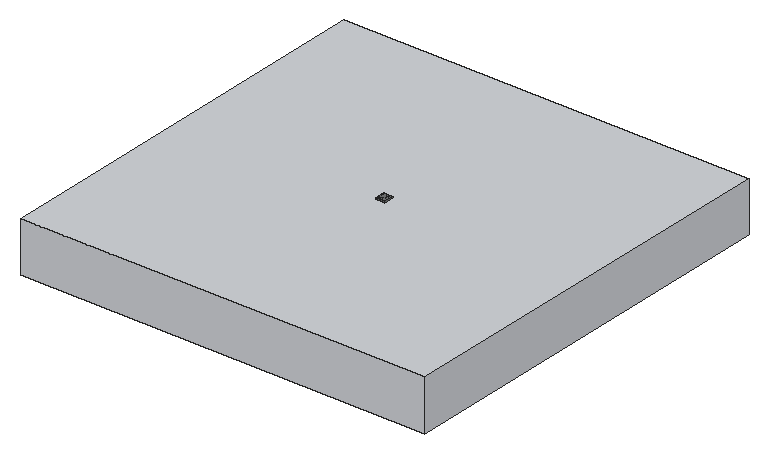
Revit family "Gira_210427", category Elektroinstallationen, Revit 2017
Family settings
  Basisbauteil = Fläche
  Beschriftungsausrichtung beibehalten = Nein
  Bemaßung runder Anschluss = Durchmesser verwenden
  Teiletyp = Normal
  Beim Laden mit Abzugskörper schneiden = Nein
  Gemeinsam genutzt = Nein
  Raumberechnungspunkt = Nein
Parameters
  With heating = no
  With DCF77 = no
  Weather station = no
  URL = "https://www.gira.de/"
  Typname = "KNX CO? sensor humidity cont. + RTC System 55 p.white m"
  Transparent = no
  Surface protection = "Other"
  Surface finishing = "Glossy"
  RAL-number (akin) = 9010
  Productwebsite = "http://katalog.gira.de/en/datenblatt.html?artikelnr=210427"
  Other bus systems = "None"
  Number of channels = 3
  Mounting method = "Flush mounted (plaster)"
  Model = "CO2-Sensor"
  Material quality = "Other"
  Material = "Other"
  Hersteller = "Gira"
  HAN = "210427"
  GTIN = "4010337084495"
  Degree of protection (IP) = "IP20"
  Data sheet = "https://katalog.gira.de/en/download.html?artikelnr=210427"
  Colour = "White"
  Bus system radio frequent = no
  Bus system Powernet = no
  Bus system LON = no
  Bus system KNX radio = no
  Bus system KNX = yes
  Bus connection included = no
  Beschreibung = "KNX CO2 sens.humidity RTC Sys55 PWm,KNX CO2 sensor with humidity and room temperature controller,System 55,pure white matt,CO?-sensor with an integrated KNX bus coupler and two binary inputs for measuring the concentration of carbon dioxide, relative humidity, and room temperature.,,Features:,- Limit value monitoring for CO2 concentration and humidity,- Dewpoint alert e.g. for cooling ceilings and winter gardens to prevent possible mould growth.,- Two binary inputs for connecting zero-voltage contacts.,- Logic gates for easy linking functions.,Sensor:,- Up to four different limits can be set for the CO2-sensor.,- Adaptation to current sea level above NN.,- Up to two limits can be set for the humidity sensor.,Controller:,- 5 operating modes: Komfort, standby, night, frost or heat protection, and controller lock-out (e.g. dew-point mode).,- Heating cooling functions: Heating, cooling, heating and cooling, basic and additional heating, basic and additional cooling.,- Preset control parameters for common radiators or cooling units.,- Controller deactivatable (dewpoint operation) or controller or operation of the controller can be blocked.,- Valve protection function (valve is opened cyclically every 24 hours).,- Control types: continuous PI control, switching PI control (PWM), and switching 2-point control (on off).,Inputs:,- Free assignment of the functions switching, dimming, blind and value transmitter to the inputs.,- Blocker for blocking individual inputs.,- Behaviour can be configured following bus voltage recovery.,- Telegram rate limit.,- Switching function: two independent switching objects are available for each existing input and can be enabled individually, command for leading and trailing edge can be set independently (ON, OFF, CHANGE, no reaction).,- Dimming function: single-surface and double-surface operation, time between dimming and switching, and dim-step size can be set, telegram repetition and stop telegram transmission possible.,- Blind function: command can be set with rising edge (no function, UP, DOWN, SW), operating concept can be parameterised, time between short and long-term operation adjustable, slat adjustment time adjustable.,- Value transmitter and light scene auxiliary unit function: edge (button as NO contact, button as NC contact, switch) and value with edge can be configured, value adjustment by pressing and holding a button for value transmitters possible, light scene auxiliary unit with without memory function.,,Notes :,- The CO2-sensor does not have any operating or display elements.,- The use of a switch terminal box for connection of the external inputs is recommended.,- A separate bus coupler is not required to operate the CO2-sensor."
  Keynote = ""
  Default Elevation = 1219.2 mm
  BIM = "https://media.stage.bim.site/public/gira/ad86d9f/Sys55_Abdeckung_Schalten%20und%20Tasten.rfa?public/gira/ad86d9f/Sys55_Abdeckung_Schalten und Tasten.rfa"
  Anthrazit [instance] = Anthrazit
  Analogue input = no
  Acoustic signal = yes
Reference planes
  plane 1 "Center (Front/Back)": y = 0
  plane 2: z = 0
  plane 3 "Center (Left/Right)": x = 0
Forms (mm)
  Extrusion 1, solid
    sketch origin (0, 0, 0) x (1, 0, 0) y (0, 1, 0)
      loop
        line (-1219.2, 1219.2) -> (-1219.2, -1219.2) -> (1219.2, -1219.2) -> (1219.2, 1219.2) -> (-1219.2, 1219.2)
    from 0 to -304.8
  Extrusion 2, solid, material "Anthrazit" <- "Anthrazit", detail levels fine
    sketch origin (0, 0, 0) x (1, 0, 0) y (0, 1, 0)
      loop
        line (-27.5, 27.5) -> (-27.5, -27.5) -> (27.5, -27.5) -> (27.5, 27.5) -> (-27.5, 27.5)
    from 0 to 8
  Extrusion 3, void
    sketch origin (0, 0, 0) x (1, 0, 0) y (0, 1, 0)
      loop
        line (26, 26) -> (-26, 26) -> (-26, -26) -> (26, -26) -> (26, 26)
    from 0 to 6
  Extrusion 4, solid, material "Anthrazit" <- "Anthrazit", detail levels medium
    sketch origin (0, 0, 0) x (1, 0, 0) y (0, 1, 0)
      loop
        line (-27.5, 27.5) -> (-27.5, -27.5) -> (27.5, -27.5) -> (27.5, 27.5) -> (-27.5, 27.5)
    from 0 to 8
  Extrusion 5, solid, material "Anthrazit" <- "Anthrazit", detail levels medium
    sketch origin (0, 0, 0) x (1, 0, 0) y (0, 1, 0)
      loop
        line (11, -17.5) -> (11, 17.5) -> (-11, 17.5) -> (-11, -17.5) -> (11, -17.5)
    from -6 to 6
  Extrusion 6, solid, material "Anthrazit" <- "Anthrazit", detail levels fine
    sketch origin (0, 0, 0) x (1, 0, 0) y (0, 1, 0)
      loop
        line (11, 17.5) -> (-11, 17.5) -> (-11, 16.5) -> (11, 16.5) -> (11, 17.5)
      loop
        line (-11, -16.5) -> (-11, -17.5) -> (11, -17.5) -> (11, -16.5) -> (-11, -16.5)
    from -4 to 6
  Extrusion 7, solid, material "Anthrazit" <- "Anthrazit", detail levels fine
    sketch origin (0, 0, 0) x (1, 0, 0) y (0, 1, 0)
      loop
        arc (5, 9.347) -> (0, 10.6) -> (-5, 9.347) r 10.6
        line (-5, 9.347) -> (-5, -9.347)
        arc (-5, -9.347) -> (0, -10.6) -> (5, -9.347) r 10.6
        line (5, -9.347) -> (5, 9.347)
    from -6 to 6
  Extrusion 8, solid, material "Anthrazit" <- "Anthrazit", detail levels coarse
    sketch origin (0, 0, 0) x (1, 0, 0) y (0, 1, 0)
      loop
        line (-27.5, 27.5) -> (-27.5, -27.5) -> (27.5, -27.5) -> (27.5, 27.5) -> (-27.5, 27.5)
    from -6 to 8
Cuts and joins
  Extrusion 3 cuts Extrusion 2
Dimensions and locks
  aligned and locked: plane 2 to Extrusion 1
  aligned and locked: level to Extrusion 1
